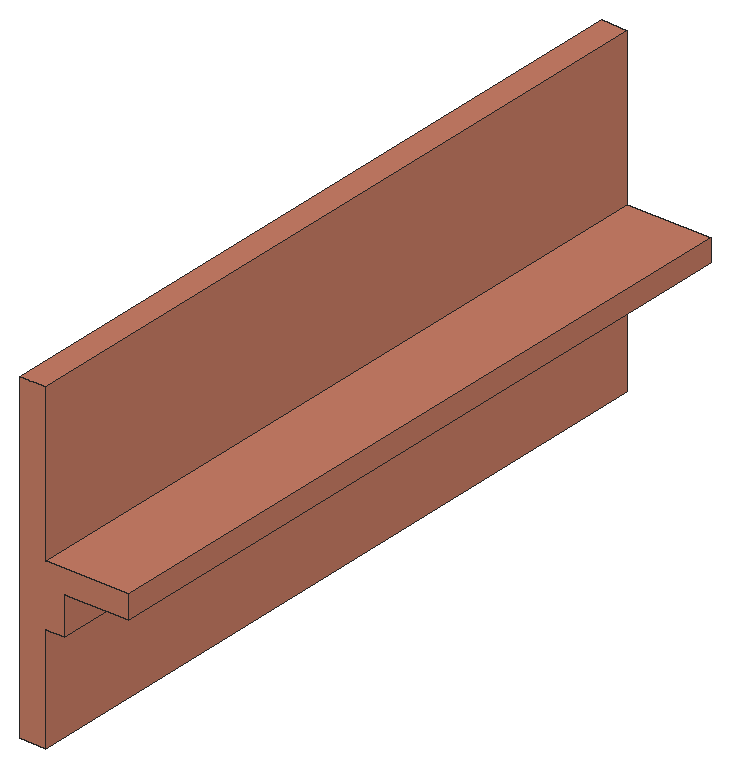
Revit family
Parameters (values of type "2710")
  Weight (lb) = 0
  Waste Connection = no
  Warranty = "1 year material and workmanship"  # constant formula
  Vent Connection = no
  URL = "http://www.jrsmith.com"
  Threaded = yes
  Technical and Installation = "http://www.jrsmith.com/products/floor/tech_data_index.htm"
  SmartBIM Object Version = 3  # constant formula
  SmartBIM Object Created By = "Reed Construction Data"  # constant formula
  Right Trench Width [instance] = # of Trench Right * 12"  # 24"
  Push On = yes
  Product URL = "http://www.jrsmith.com/products/floor/submittal/d2710.pdf"
  Plate = yes
  Pipe Radius = Pipe Diameter / 2  # 1 1/2"
  Pipe Diameter = 3"
  OmniClass Title = "Sanitary Drains"  # constant formula
  OmniClass Code = "22-22 13 19 13"  # constant formula
  No Hub = yes
  Model = "2710"  # constant formula
  Material Finish = Duco Coated
  Material = Cast Iron
  Manufacturer = "Jay R. Smith Mfg. Co. "  # constant formula
  Left Trench Width [instance] = # of Trench Left * 12"  # 24"
  Free Area (sq. in) = ""
  Flow Rate = ""
  Description = "Duco cast iron flanged body outlet"  # constant formula
  Default Elevation = 0"
  Connection Type = ""
  Caulk = yes
  Assembly Code = "D2030300"
  95 CSI = "15155"  # constant formula
  04 CSI = "22 13 19"  # constant formula
  # of Trench Right [instance] = 2
  # of Trench Left [instance] = 2
Reference planes (in)
  plane 1 "Center (Front/Back)": y = 0.875
  plane 2: z = 0
  plane 3 "Center (Left/Right)": x = -0.43066
  plane 4: y = 7
  plane 5: y = -5.25
  plane 6: z = -3.58887
  plane 7: z = 2.28613
  plane 8: z = 4.04346
Dimensions and locks (in)
  locked: plane 7 to plane 6 at 5.875
  locked: plane 8 to level at 4.04346
  aligned and locked: plane 1 "Center (Front/Back)" to nested 1
  aligned and locked: plane 8 to nested 1
Nested families (in)
  nested 1: "Trench-Cover" at (1.41162, 0.875, -1.41623), visible <- "Plate", type "Trench-Cover"
Definition of nested family "Trench-Cover"
  Parameters
    Trench Cover = Cast Iron
  Reference planes (in)
    plane 1 "Center (Front/Back)": y = 0
    plane 2: z = 0
    plane 3 "Center (Left/Right)": x = 0
    plane 4: z = 5.45969
  Forms (in)
    Extrusion 1, solid, material "Cast Iron" <- "Trench Cover"
      sketch origin (-19.84224, 22.46751, 1.79443) x (1, 0, 0) y (0, 0, 1)
        loop
          line (18.43061, -1.79443) -> (18.43061, 0) -> (18.76557, 0) -> (18.76557, 0.646) -> (19.84224, 0.646) -> (19.84224, 1.02881) -> (18.43061, 1.02881) -> (18.43061, 3.66526) -> (17.99995, 3.66526) -> (17.99995, -1.79443) -> (18.43061, -1.79443)
      from 16.34251 to 28.59251
  Dimensions and locks (in)
    aligned: plane 4 to Extrusion 1
